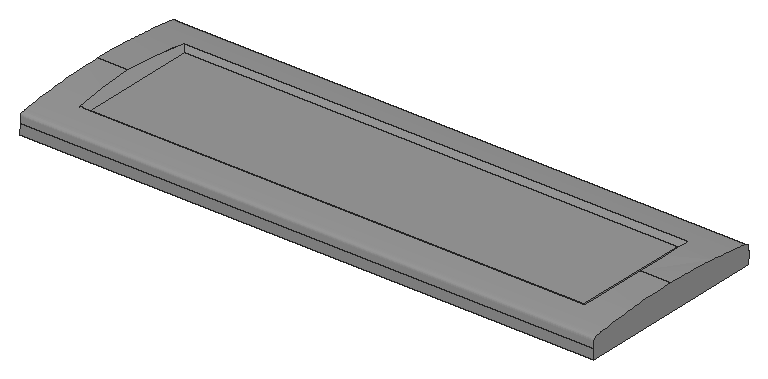
Revit family "r2016_omelta_kristall-12", category Осветительные приборы, Revit 2016
Family settings
  Основа = Грань
  Тип детали = Нормальный
  Размер круглого соединителя = Использовать диаметр
  При загрузке вырезать с полостями = Нет
  Источник света = Нет
  Общий = Нет
  Точка расчета площади = Да
Parameters (values of type "ВХОД")
  Разработано = "«support@bimlib.ru»"  # constant formula
  Лампа = "LED"
  Изготовитель = "ООО «Электротехника и Автоматика»"  # constant formula
  Z [instance] = 243.67 mm
  ADSK_Примечание [instance] = ""
  ADSK_Позиция [instance] = ""
  ADSK_Марка [instance] = ADSK_Обозначение  # "КРИСТАЛЛ-12"
  ADSK_Единица измерения = "шт."
  "Эвакуационный выход" = no
  "Вход" = yes
  X [instance] = 1000 mm
  Default Elevation = 2600 mm
  Y [instance] = 1100 mm
  URL = "https://omelta.com/store/4-kristall_12/"
  ADSK_Этаж [instance] = ""
  ADSK_Ток [instance] = 0.02 A
  ADSK_Обозначение [instance] = "КРИСТАЛЛ-12"  # constant formula
  ADSK_Напряжение [instance] = 12 V
  ADSK_Наименование [instance] = "Световой указатель, IP52"
  ADSK_Материал наименование [instance] = "Пиктограмма \"ВХОД\""
  ADSK_Масса [instance] = 0.2
  ADSK_Код изделия [instance] = "ТУ 4372-002-49518441-03"
  ADSK_Завод-изготовитель [instance] = "ООО «Электротехника и Автоматика»"  # constant formula
  "Запасный выход" = no
  "Выход" = no
Types (5, lengths in mm): name | Z | "Эвакуационный выход" | "Вход" | ADSK_Материал наименование | "Запасный выход" | "Выход"
  (no name) | 243.67 | no | yes | "Пиктограмма \"ВХОД\"" | no | no
  ВЫХОД | 243.67 | no | no | "Пиктограмма \"ВЫХОД\"" | no | yes
  ЗАПАСНЫЙ ВЫХОД | 880 | no | no | "Пиктограмма \"ЗАПАСНЫЙ ВЫХОД\"" | yes | no
  ВХОД | 243.67 | no | yes | "Пиктограмма \"ВХОД\"" | no | no
  ЭВАКУАЦИОННЫЙ ВЫХОД | 1000 | yes | no | "Пиктограмма \"ЭВАКУАЦИОННЫЙ ВЫХОД\"" | no | no
Reference planes
  plane 1 "По центру (Вперед/Назад)": y = 0
  plane 2: z = 0
  plane 3 "По центру (Влево/Вправо)": x = 0
  plane 4: z = -1000
  plane 5: x = 1000
  plane 6: y = 1000
Forms (mm)
  Extrusion 1, solid, detail levels medium
    sketch origin (0, 0, 0) x (1, 0, 0) y (0, 1, 0)
      loop
        line (-1219.2, 1219.2) -> (-1219.2, -1219.2) -> (1219.2, -1219.2) -> (1219.2, 1219.2) -> (-1219.2, 1219.2)
    from 0 to -304.8
  Extrusion 2, solid, material "Пластик", detail levels medium+fine
    sketch origin (151, -37.336, -45) x (0, 0, 1) y (0, 1, 0)
      loop
        line (45, -13.664) -> (50, -13.664)
        spline (50, -13.664) -> (54.813, -12.607) -> (55.48, -9.827) -> (55.679, -8.34) -> (55.977, -6.114) -> (56.355, -2.995) -> (56.777, 0.93) -> (57.22, 5.5) -> (57.66, 10.552) -> (58.072, 16.017) -> (58.437, 22.117) -> (58.732, 29.13) -> (58.939, 37.336)
        spline (58.939, 37.336) -> (58.732, 45.54) -> (58.437, 52.55) -> (58.074, 58.639) -> (57.664, 64.082) -> (57.228, 69.099) -> (56.79, 73.627) -> (56.373, 77.51) -> (56, 80.605) -> (55.681, 83.026) -> (55.403, 85.098) -> (54.813, 87.278) -> (50, 88.336)
        line (50, 88.336) -> (45, 88.336) -> (45, -13.664)
    from 0 to 302
  Blend 3, void, detail levels medium+fine
    base sketch origin (0, 0, 8.939) x (1, 0, 0) y (0, 1, 0)
      loop
        line (130, 31) -> (-130, 31) -> (-130, -31) -> (130, -31) -> (130, 31)
    top sketch origin (0, 0, 8.939) x (1, 0, 0) y (0, 1, 0)
      loop
        line (-135, -36) -> (135, -36) -> (135, 36) -> (-135, 36) -> (-135, -36)
    from 0 to 5
  Extrusion 4, solid, material "Пиктограмма "Выход"", visible <- ""Выход"", detail levels medium+fine
    sketch origin (0, 0, 8.939) x (1, 0, 0) y (0, 1, 0)
      loop
        line (-130, 31) -> (-130, -31) -> (130, -31) -> (130, 31) -> (-130, 31)
    from 0 to 1
  Extrusion 5, solid, material "Пластик", not visible, detail levels medium+fine
    sketch origin (151, -37.336, -45) x (0, 0, 1) y (0, 1, 0)
      loop
        line (45, -13.664) -> (50, -13.664)
        spline (50, -13.664) -> (54.813, -12.607) -> (55.48, -9.827) -> (55.679, -8.34) -> (55.977, -6.114) -> (56.355, -2.995) -> (56.777, 0.93) -> (57.22, 5.5) -> (57.66, 10.552) -> (58.072, 16.017) -> (58.437, 22.117) -> (58.732, 29.13) -> (58.939, 37.336)
        spline (58.939, 37.336) -> (58.732, 45.54) -> (58.437, 52.55) -> (58.074, 58.639) -> (57.664, 64.082) -> (57.228, 69.099) -> (56.79, 73.627) -> (56.373, 77.51) -> (56, 80.605) -> (55.681, 83.026) -> (55.403, 85.098) -> (54.813, 87.278) -> (50, 88.336)
        line (50, 88.336) -> (45, 88.336) -> (45, -13.664)
    from 0 to 302
  Blend 6, void, not visible, detail levels medium+fine
    base sketch origin (0, 0, 8.939) x (1, 0, 0) y (0, 1, 0)
      loop
        line (130, 31) -> (-130, 31) -> (-130, -31) -> (130, -31) -> (130, 31)
    top sketch origin (0, 0, 8.939) x (1, 0, 0) y (0, 1, 0)
      loop
        line (-135, -36) -> (135, -36) -> (135, 36) -> (-135, 36) -> (-135, -36)
    from 0 to 5
  Extrusion 7, solid, material "Пиктограммы "Запасный выход"", visible <- ""Запасный выход"", detail levels medium+fine
    sketch origin (0, 0, 8.939) x (1, 0, 0) y (0, 1, 0)
      loop
        line (-130, 31) -> (-130, -31) -> (130, -31) -> (130, 31) -> (-130, 31)
    from 0 to 1
  Extrusion 8, solid, material "Пиктограмма "Вход"", visible <- ""Вход"", detail levels medium+fine
    sketch origin (0, 0, 8.939) x (1, 0, 0) y (0, 1, 0)
      loop
        line (-130, 31) -> (-130, -31) -> (130, -31) -> (130, 31) -> (-130, 31)
    from 0 to 1
  Extrusion 9, solid, material "Пиктограмма "Эвакуационный выход"", visible <- ""Эвакуационный выход"", detail levels medium+fine
    sketch origin (0, 0, 8.939) x (1, 0, 0) y (0, 1, 0)
      loop
        line (-130, 31) -> (-130, -31) -> (130, -31) -> (130, 31) -> (-130, 31)
    from 0 to 1
Cuts and joins
  Blend 3 cuts Extrusion 2
Lines and regions (mm)
  model lines, not visible, detail levels coarse
    curve 1: line (-150.989, -179.858, 0) -> (-150.989, -179.858, 80)
    curve 2: line (151.011, -179.858, 80) -> (151.011, -179.858, 0)
    curve 4: line (-150.989, -179.858, 0) -> (151.011, -179.858, 0)
    curve 5: line (151.011, -179.858, 80) -> (-150.989, -179.858, 80)
    curve 6: line (151.011, -179.858, 80) -> (-150.989, -179.858, 0)
    curve 7: line (-150.989, -179.858, 80) -> (151.011, -179.858, 0)
  model lines, style "InvisibleLines", not visible, detail levels coarse
    curve 3: line (0.011, -179.858, 0) -> (0.011, -179.858, 40)
  model lines, detail levels coarse
    curve 8: line (-151, 756.33, 100) -> (-151, 756.33, 180)
    curve 9: line (151, 756.33, 180) -> (151, 756.33, 100)
    curve 11: line (-151, 756.33, 100) -> (151, 756.33, 100)
    curve 12: line (151, 756.33, 180) -> (-151, 756.33, 180)
    curve 13: line (151, 756.33, 180) -> (-151, 756.33, 100)
    curve 14: line (-151, 756.33, 180) -> (151, 756.33, 100)
  model lines, style "InvisibleLines", detail levels coarse
    curve 10: line (0, 756.33, 100) -> (0, 756.33, 140)
  reference lines
    curve 15: line (129.674, 756.33, 8.939) -> (609.674, 756.33, 8.939)
    curve 16: line (0, 0, 100) -> (0, 0, 270)
    curve 17: line (-151, 0, 100) -> (249, 0, 100)
Dimensions and locks
  "Z": plane 6 to curve 15
  "X": plane 5 to curve 16
  "Y": curve 17 to plane 4
  aligned and locked: plane 2 to Extrusion 1
  aligned and locked: level to Extrusion 1
  aligned and locked: curve 15 to curve 12
  aligned and locked: curve 17 to curve 11
  aligned and locked: curve 16 to curve 10
Automatic sketch dimensions
  Extrusion 1 sketch curve to Extrusion 1 sketch curve = 2438.4 mm  (x2)
  Extrusion 4 sketch curve to Blend 3 = 0 mm  (x4)
  plane 1 "По центру (Вперед/Назад)" to Extrusion 7 sketch curve = 31 mm
  Extrusion 7 sketch curve to plane 3 "По центру (Влево/Вправо)" = 130 mm
  plane 3 "По центру (Влево/Вправо)" to Extrusion 7 sketch curve = 130 mm
  Extrusion 7 sketch curve to plane 1 "По центру (Вперед/Назад)" = 31 mm
  plane 1 "По центру (Вперед/Назад)" to Extrusion 8 sketch curve = 31 mm
  Extrusion 8 sketch curve to plane 3 "По центру (Влево/Вправо)" = 130 mm
  plane 3 "По центру (Влево/Вправо)" to Extrusion 8 sketch curve = 130 mm
  Extrusion 8 sketch curve to plane 1 "По центру (Вперед/Назад)" = 31 mm
  plane 1 "По центру (Вперед/Назад)" to Extrusion 9 sketch curve = 31 mm
  Extrusion 9 sketch curve to plane 3 "По центру (Влево/Вправо)" = 130 mm
  plane 3 "По центру (Влево/Вправо)" to Extrusion 9 sketch curve = 130 mm
  Extrusion 9 sketch curve to plane 1 "По центру (Вперед/Назад)" = 31 mm
  curve 8 to curve 9 = 302 mm
  curve 8 to curve 12 = 80 mm
  curve 8 to curve 10 = 151 mm
  curve 1 to curve 2 = 302 mm
  curve 1 to curve 5 = 80 mm
  curve 1 to curve 3 = 151 mm
  Extrusion 2 sketch curve to Extrusion 2 sketch curve = 5 mm  (x2)
  Extrusion 2 sketch curve to Extrusion 2 sketch curve = 8.939 mm
  Extrusion 2 sketch curve to Extrusion 2 sketch curve = 51 mm  (x2)
  Blend 3 sketch curve to Blend 3 sketch curve = 260 mm
  Blend 3 sketch curve to Blend 3 sketch curve = 62 mm
  Blend 3 sketch curve to Blend 3 sketch curve = 270 mm
  Blend 3 sketch curve to Blend 3 sketch curve = 72 mm
  Extrusion 5 sketch curve to Extrusion 5 sketch curve = 5 mm  (x2)
  Extrusion 5 sketch curve to Extrusion 5 sketch curve = 8.939 mm
  Extrusion 5 sketch curve to Extrusion 5 sketch curve = 51 mm  (x2)
  Blend 6 sketch curve to Blend 6 sketch curve = 260 mm
  Blend 6 sketch curve to Blend 6 sketch curve = 62 mm
  Blend 6 sketch curve to Blend 6 sketch curve = 270 mm
  Blend 6 sketch curve to Blend 6 sketch curve = 72 mm
  curve 17 to curve 16 = 151 mm
  plane 3 "По центру (Влево/Вправо)" to curve 17 = 249 mm
  curve 16 to curve 16 = 170 mm
  curve 15 to curve 15 = 480 mm
Connectors
  electrical at (0, 0, 0)
    settings: on Extrusion 2, index 2, voltage 0 V, apparent load 0 VA, apparent load phase1 0 VA, apparent load phase2 0 VA, apparent load phase3 0 VA, power factor 1, load classification "Прочее", number of poles 1, system type 12, power factor state 1, is connector primary yes, connector utility yes, sub classification motor no, connector description ""
